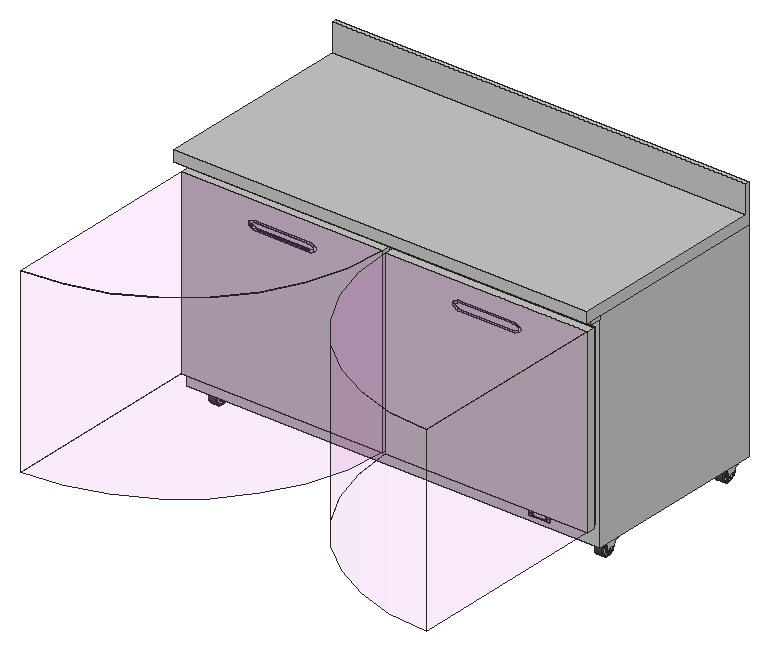
Revit family "QF_Kelvinator_738301_KCHUCWT60R", category Specialty Equipment, Revit 2021
Family settings
  Round Connector Dimension = Use Diameter
  Part Type = Normal
  Work Plane-Based = No
  Always vertical = Yes
  Cut with Voids When Loaded = No
  Shared = No
  Room Calculation Point = No
Parameters
  Weight in Pounds = 253.532
  Weight = 115.00 lbm
  Watts = 0 W
  Volts = 115 V
  URL Manufacturer = "KELVINATOR"
  URL Cutsheet = ""
  URL = "KELVINATOR"
  Specification by User = ""
  Specification by Manufacturer = ""
  Serial Number = ""
  Seismic Rating = ""
  SMACNA No = ""
  Revision Code = ""
  Refrigerant Type = "R600a"
  Phase = 1
  Number of Poles = 1
  NAFEM Spec ID Number = ""
  Model = "KCHUCWT60R"
  Min Ckt Ampacity = 0 A
  Max Overcurrent Protection = 0 A
  Masterspec = ""
  Manufacturer = "Kelvinator"
  Length Actual = 1555"
  Length = 61 1/4"
  Item Number = "738301"
  Installed By = ""
  Identify Quantity as Lot = yes
  Height Actual = 1007"
  Height = 39 5/8"
  HP = "0.4 HP"
  Gas KW = 0
  Furnished By = ""
  Foodservice Equipment Identifier = yes
  FL Amps = 3 A
  Electrical Remarks = ""
  Electric Connection Type = ""
  Elec Conn RI Height = 0"
  Elec Conn Connection Height = 0"
  Description = "2-DOOR REFRIGERATED WORK TOP 61\" LONG"
  Depth Actual = 760"
  Depth = 29 15/16"
  Default Elevation = 0"
  Cycle = 60 Hz
  Conn Plug = "5-15P"
  Conn Conduit = yes
  CSI MasterFormat = ""
  Apparent Power = 0 VA
  Accessory = no
Reference planes (in)
  plane 1 "BACK": y = 0
  plane 2: z = 0
  plane 3 "LEFT": x = 0
  plane 4 "RIGHT": x = 61.25
  plane 5 "FRONT": y = -29.9375
  plane 6 "TOP": z = 39.625
  plane 7 "Center Y": x = 30.625
  plane 8 "Center X": y = -14.96875
Dimensions and locks (in)
  equal spacing: plane 3 "LEFT", plane 7 "Center Y", plane 4 "RIGHT"
  "Length": plane 3 "LEFT" to plane 4 "RIGHT"
  equal spacing: plane 5 "FRONT", plane 8 "Center X", plane 1 "BACK"
  "Depth": plane 5 "FRONT" to plane 1 "BACK"
  "Height": plane 6 "TOP" to level
  aligned and locked: level to plane 2
Nested families (in)
  nested 1: "KCHST.0001" at (0, 0, 0), type "KCHST.0001"
    with Show Clearance yes
Connectors (in)
  electrical at (30.625, -0.87772, 2.31881), driven by "Volts", driven by "Watts"
    settings: on nested 1, index 1, voltage 115 V, apparent load 0 VA, apparent load phase1 0 VA, apparent load phase2 0 VA, apparent load phase3 0 VA, power factor 1, load classification "Other", number of poles 1, system type 30, power factor state 1, is connector primary yes, connector utility no, sub classification motor no, connector description ""
Definition of nested family "KCHST.0001"
  Parameters (values of type "KCHST.0001")
    Weight in Pounds = 0
    URL Cutsheet = ""
    Specification by User = ""
    Specification by Manufacturer = ""
    Show Clearance [instance] = yes
    Serial Number = ""
    Seismic Rating = ""
    SMACNA No = ""
    Revision Code = ""
    NAFEM Spec ID Number = ""
    Masterspec = ""
    Length = 61 1/4"
    Item Number = ""
    Installed By = ""
    Identify Quantity as Lot = yes
    Height = 39 5/8"
    Furnished By = ""
    Foodservice Equipment Identifier = yes
    Depth = 29 15/16"
    Default Elevation = 0"
    CSI MasterFormat = ""
  Reference planes (in)
    plane 1 "BACK": y = 0
    plane 2: z = 0
    plane 3 "LEFT": x = 0
    plane 4 "RIGHT": x = 61.25
    plane 5 "FRONT": y = -29.9375
    plane 6 "TOP": z = 39.625
    plane 7 "Center Y": x = 30.625
    plane 8 "Center X": y = -14.96875
    plane 9: z = 3.1
    plane 10: z = 33.9
    plane 11: y = -29.2
    plane 12: z = 32.4
    plane 13: z = 5.6
    plane 14: y = -27.5
    plane 15: x = 59.25
    plane 16: x = 2
    plane 17: x = 60.75
    plane 18: x = 0.5
    plane 19: z = 35.5
    plane 20: y = -27.2
    plane 21: x = 15.44777
    plane 22: x = 45.80223
  Forms (in)
    Extrusion 1, solid
      sketch origin (0, 0, 0) x (0, 1, 0) y (0, 0, 1)
        loop
          line (-27.5, 33.9) -> (-27.5, 3.1) -> (0, 3.1) -> (0, 33.9) -> (-27.5, 33.9)
      from 0 to 61.25
    Extrusion 2, solid
      sketch origin (0, 0, 0) x (0, 1, 0) y (0, 0, 1)
        loop
          line (-0.48673, 39.625) -> (-0.48673, 35.5) -> (-29.9375, 35.5) -> (-29.9375, 33.9) -> (0, 33.9) -> (0, 39.625) -> (-0.48673, 39.625)
      from 0 to 61.25
    Extrusion 3, solid
      sketch origin (0, 0, 0) x (0, 1, 0) y (0, 0, 1)
        loop
          line (-29.2, 33.9) -> (-29.2, 33.4) -> (-27.5, 33.4) -> (-27.5, 33.9) -> (-29.2, 33.9)
      from 0 to 61.25
    Extrusion 4, solid
      sketch origin (30.625, 6.90541, 48) x (0, 1, 0) y (0, 0, 1)
        loop
          line (-36.10541, -15.6) -> (-36.10541, -42.4) -> (-34.95211, -42.4) -> (-34.95211, -15.6) -> (-36.10541, -15.6)
      from -0.25 to -30.125
    Extrusion 5, solid
      sketch origin (0, 0, 0) x (0, 1, 0) y (0, 0, 1)
        loop
          line (-28.04671, 32.20449) -> (-28.04671, 5.81322) -> (-27.79671, 5.81322) -> (-27.79671, 32.20449) -> (-28.04671, 32.20449)
      from 0.74536 to 30.15018
    Extrusion 6, solid
      sketch origin (0, 0.25, 0) x (0, 1, 0) y (0, 0, 1)
        loop
          line (-28.04671, 32.20449) -> (-28.04671, 5.81322) -> (-27.864, 5.81322) -> (-27.864, 32.20449) -> (-28.04671, 32.20449)
      from 0.74536 to 30.15018
    Extrusion 7, solid
      sketch origin (0, 0.4327, 0) x (0, 1, 0) y (0, 0, 1)
        loop
          line (-28.04671, 32.20449) -> (-28.04671, 5.81322) -> (-27.9327, 5.81322) -> (-27.9327, 32.20449) -> (-28.04671, 32.20449)
      from 0.74536 to 30.15018
    Extrusion 8, solid
      sketch origin (-4.97957, -27.5, -4.77927) x (-1, 0, 0) y (0, 0, 1)
        loop
          line (-55.67533, 9.70772) -> (-58.82493, 9.70772) -> (-58.82493, 8.52662) -> (-55.67533, 8.52662) -> (-55.67533, 9.70772)
        loop
          line (-55.75407, 9.63107) -> (-56.14777, 9.63107) -> (-56.14777, 9.31193) -> (-55.75407, 9.31193) -> (-55.75407, 9.63107)
        loop
          line (-55.75407, 9.27674) -> (-56.14777, 9.27674) -> (-56.14777, 8.9576) -> (-55.75407, 8.9576) -> (-55.75407, 9.27674)
        loop
          line (-55.75407, 8.92241) -> (-56.14777, 8.92241) -> (-56.14777, 8.60327) -> (-55.75407, 8.60327) -> (-55.75407, 8.92241)
        loop
          line (-58.74619, 9.63107) -> (-58.74619, 9.31193) -> (-58.35249, 9.31193) -> (-58.35249, 9.63107) -> (-58.74619, 9.63107)
        loop
          line (-58.74619, 9.27674) -> (-58.74619, 8.9576) -> (-58.35249, 8.9576) -> (-58.35249, 9.27674) -> (-58.74619, 9.27674)
        loop
          line (-58.74619, 8.92241) -> (-58.74619, 8.60327) -> (-58.35249, 8.60327) -> (-58.35249, 8.92241) -> (-58.74619, 8.92241)
        loop
          line (-56.22525, 9.63107) -> (-58.27501, 9.63107) -> (-58.27501, 8.60716) -> (-56.22525, 8.60716) -> (-56.22525, 9.63107)
      from 0.07874 to -0.04602
    Extrusion 9, solid
      sketch origin (-4.97957, -27.54602, -4.77927) x (1, 0, 0) y (0, 0, 1)
        loop
          line (58.35249, 9.63107) -> (58.35249, 9.31193) -> (58.74619, 9.31193) -> (58.74619, 9.63107) -> (58.35249, 9.63107)
        loop
          line (58.35249, 9.27674) -> (58.35249, 8.9576) -> (58.74619, 8.9576) -> (58.74619, 9.27674) -> (58.35249, 9.27674)
        loop
          line (58.35249, 8.92241) -> (58.35249, 8.60327) -> (58.74619, 8.60327) -> (58.74619, 8.92241) -> (58.35249, 8.92241)
        loop
          line (56.14777, 9.63107) -> (55.75407, 9.63107) -> (55.75407, 9.31193) -> (56.14777, 9.31193) -> (56.14777, 9.63107)
        loop
          line (56.14777, 9.27674) -> (55.75407, 9.27674) -> (55.75407, 8.9576) -> (56.14777, 8.9576) -> (56.14777, 9.27674)
        loop
          line (56.14777, 8.92241) -> (55.75407, 8.92241) -> (55.75407, 8.60327) -> (56.14777, 8.60327) -> (56.14777, 8.92241)
      from 0 to -0.07874
    Extrusion 10, solid
      sketch origin (-4.97957, -27.54602, -4.77927) x (1, 0, 0) y (0, 0, 1)
        loop
          line (56.22525, 9.63107) -> (56.22525, 8.60716) -> (58.27501, 8.60716) -> (58.27501, 9.63107) -> (56.22525, 9.63107)
      from 0 to -0.07874
    Extrusion 11, void
      sketch origin (-4.97957, -27.5, -4.77927) x (-1, 0, 0) y (0, 0, 1)
        loop
          line (-55.67533, 9.70772) -> (-58.82493, 9.70772) -> (-58.82493, 8.52662) -> (-55.67533, 8.52662) -> (-55.67533, 9.70772)
      from 0 to 0.07874
    Extrusion 12, void
      sketch origin (-37.39706, -29.19996, 31.5181) x (0, 0, 1) y (1, 0, 0)
        loop
          line (-1.94791, 48.66983) -> (-1.94791, 57.01983) -> (-2.28604, 57.56083)
          arc (-2.28604, 57.56083) -> (-2.38541, 57.61591) -> (-2.48479, 57.56083) r 0.11719
          line (-2.48479, 57.56083) -> (-2.82291, 57.01983) -> (-2.82291, 48.66983) -> (-2.48621, 48.13111)
          arc (-2.48621, 48.13111) -> (-2.38541, 48.07524) -> (-2.28462, 48.13111) r 0.11887
          line (-2.28462, 48.13111) -> (-1.94791, 48.66983)
      from 0 to 0.31887
    Sweep 13, solid
      path origin (-34.14291, -26.39996, 31.5181) x (0, 0, -1) y (1, 0, 0)
        loop
          line (2.82291, 53.76568) -> (2.48479, 54.30668)
          arc (2.48479, 54.30668) -> (2.38541, 54.36176) -> (2.28604, 54.30668) r 0.11719
          line (2.28604, 54.30668) -> (1.94791, 53.76568) -> (1.94791, 45.41568) -> (2.28462, 44.87696)
          arc (2.28462, 44.87696) -> (2.38541, 44.82109) -> (2.48621, 44.87696) r 0.11887
          line (2.48621, 44.87696) -> (2.82291, 45.41568) -> (2.82291, 53.76568)
      profile origin (15.44777, -26.39996, 28.69519) x (0, 0, -1) y (0, -1, 0)
        loop
          line (0, 2.8) -> (0.25, 2.8)
          arc (0.25, 2.8) -> (0.125, 2.85269) -> (0, 2.8) r 0.17461
    Extrusion 14, solid
      sketch origin (-16.15625, -3.56521, 3.1) x (-1, 0, 0) y (0, 1, 0)
        loop
          circle (-46.78125, 2.68749) r 0.25
      from 0 to 0.78119
    Extrusion 15, solid
      sketch origin (30.625, 6.90541, 48) x (0, 1, 0) y (0, 0, -1)
        loop
          line (-36.10541, 15.6) -> (-34.95211, 15.6) -> (-34.95211, 42.4) -> (-36.10541, 42.4) -> (-36.10541, 15.6)
      from -0.25 to -30.125
    Extrusion 16, solid
      sketch origin (48.25, 0, 0) x (0, 1, 0) y (0, 0, -1)
        loop
          line (-28.04671, -32.20449) -> (-27.79671, -32.20449) -> (-27.79671, -5.81322) -> (-28.04671, -5.81322) -> (-28.04671, -32.20449)
      from -12.22145 to 17.125
    Extrusion 17, solid
      sketch origin (48.25, 0.25, 0) x (0, 1, 0) y (0, 0, -1)
        loop
          line (-28.04671, -32.20449) -> (-27.864, -32.20449) -> (-27.864, -5.81322) -> (-28.04671, -5.81322) -> (-28.04671, -32.20449)
      from -12.22145 to 17.125
    Extrusion 18, solid
      sketch origin (48.25, 0.4327, 0) x (0, 1, 0) y (0, 0, -1)
        loop
          line (-28.04671, -32.20449) -> (-27.9327, -32.20449) -> (-27.9327, -5.81322) -> (-28.04671, -5.81322) -> (-28.04671, -32.20449)
      from -12.22145 to 17.125
    Sweep 19, solid
      path origin (95.39291, -26.39996, 31.5181) x (0, 0, -1) y (1, 0, 0)
        loop
          line (2.82291, -53.76568) -> (2.82291, -45.41568) -> (2.48621, -44.87696)
          arc (2.48621, -44.87696) -> (2.38541, -44.82109) -> (2.28462, -44.87696) r 0.11887
          line (2.28462, -44.87696) -> (1.94791, -45.41568) -> (1.94791, -53.76568) -> (2.28604, -54.30668)
          arc (2.28604, -54.30668) -> (2.38541, -54.36176) -> (2.48479, -54.30668) r 0.11719
          line (2.48479, -54.30668) -> (2.82291, -53.76568)
      profile origin (45.80223, -26.39996, 28.69519) x (0, 0, 1) y (0, -1, 0)
        loop
          arc (0, 2.8) -> (-0.125, 2.85269) -> (-0.25, 2.8) r 0.17461
          line (-0.25, 2.8) -> (0, 2.8)
    Extrusion 20, solid, visible <- "Show Clearance"
      sketch origin (0, 9.61225, 5.6) x (1, 0, 0) y (0, -1, 0)
        loop
          arc (30.375, 38.81225) -> (21.62482, 59.93707) -> (0.5, 68.68725) r 29.875
          line (0.5, 68.68725) -> (0.5, 38.81225) -> (30.375, 38.81225)
        loop
          line (30.875, 38.81225) -> (60.75, 38.81225) -> (60.75, 68.68725)
          arc (60.75, 68.68725) -> (39.62518, 59.93707) -> (30.875, 38.81225) r 29.875
      from 0 to -26.8
  Cuts and joins
    Extrusion 11 cuts Extrusion 8
    Extrusion 12 cuts Extrusion 4
  Lines and regions (in)
    symbolic lines
      curve 1: line (61.25, -29.9375, 0) -> (61.25, 0, 0)
      curve 2: line (61.25, 0, 0) -> (0, 0, 0)
      curve 3: line (0, 0, 0) -> (0, -29.9375, 0)
      curve 4: line (0, -29.9375, 0) -> (61.25, -29.9375, 0)
      curve 5: line (0, -0.48673, 0) -> (61.25, -0.48673, 0)
    symbolic lines, visible <- "Show Clearance"
      curve 6: arc (30.3659, -29.9375, 0) -> (29.17129, -37.59482, 0) -> (26.04725, -44.68721, 0) r 29.875
      curve 7: arc (35.20275, -44.68721, 0) -> (32.07871, -37.59482, 0) -> (30.8841, -29.9375, 0) r 29.875
      curve 8: line (0.5, -29.9375, 0) -> (26.04725, -44.68721, 0)
      curve 9: line (60.75, -29.9375, 0) -> (35.20275, -44.68721, 0)
  Dimensions and locks (in)
    equal spacing: plane 3 "LEFT", plane 7 "Center Y", plane 4 "RIGHT"
    "Length": plane 3 "LEFT" to plane 4 "RIGHT"
    equal spacing: plane 5 "FRONT", plane 8 "Center X", plane 1 "BACK"
    "Depth": plane 5 "FRONT" to plane 1 "BACK"
    "Height": plane 6 "TOP" to level
    level to plane 9 = 3.1"
    plane 10 to plane 9 = 30.8"
    plane 13 to plane 12 = 26.8"
    locked: plane 4 "RIGHT" to plane 15 at 2
    locked: plane 3 "LEFT" to plane 16 at 2
    locked: plane 18 to plane 3 "LEFT" at 0.5
    locked: plane 17 to plane 4 "RIGHT" at 0.5
    plane 3 "LEFT" to plane 4 "RIGHT" = 61 1/4"
    plane 19 to level = 35 1/2"
    plane 6 "TOP" to plane 19 = 4 1/8"
    plane 5 "FRONT" to plane 1 "BACK" = 29 15/16"
    plane 20 to plane 1 "BACK" = 27.2"
    plane 9 to plane 19 = 32.4"
    aligned and locked: level to plane 2
    aligned and locked: plane 15 to nested 1
    aligned and locked: nested 2 to plane 16
    aligned and locked: Extrusion 1 to plane 4 "RIGHT"
    aligned and locked: plane 4 "RIGHT" to Extrusion 1
    aligned and locked: Extrusion 3 to plane 4 "RIGHT"
    aligned and locked: Extrusion 2 to plane 4 "RIGHT"
    aligned and locked: cut or joined group of Extrusion 4, Extrusion 12 to plane 18
    aligned and locked: plane 15 to nested 3
    aligned and locked: Extrusion 6 to Extrusion 5
    aligned and locked: Extrusion 7 to Extrusion 5
    aligned and locked: Extrusion 17 to Extrusion 16
    aligned and locked: Extrusion 18 to Extrusion 16
  Automatic sketch dimensions
    plane 9 to Extrusion 1 sketch curve = 0"
    Extrusion 1 sketch curve to plane 14 = 0"
    Extrusion 1 sketch curve to plane 1 "BACK" = 0"
    Extrusion 1 sketch curve to plane 10 = 0"
    Extrusion 2 sketch curve to plane 5 "FRONT" = 0"
    Extrusion 2 sketch curve to plane 19 = 0"
    Extrusion 2 sketch curve to plane 6 "TOP" = 0"
    Extrusion 2 sketch curve to plane 1 "BACK" = 0"
    Extrusion 2 sketch curve to plane 10 = 0"
    plane 1 "BACK" to Extrusion 2 sketch curve = 0.48673"
    Extrusion 3 sketch curve to plane 10 = 0"
    Extrusion 3 sketch curve to plane 11 = 0"
    Extrusion 3 sketch curve to plane 14 = 0"
    Extrusion 3 sketch curve to Extrusion 3 sketch curve = 1/2"
    Extrusion 4 sketch curve to plane 11 = 0"
    plane 13 to Extrusion 4 sketch curve = 0"
    plane 12 to Extrusion 4 sketch curve = 0"
    Extrusion 4 sketch curve to plane 14 = 0.54671"
    Extrusion 5 sketch curve to plane 13 = 0.21322"
    Extrusion 5 sketch curve to plane 14 = 0.54671"
    Extrusion 5 sketch curve to Extrusion 5 sketch curve = 1/4"
    plane 12 to Extrusion 5 sketch curve = 0.19551"
    Extrusion 6 sketch curve to plane 14 = 0.29671"
    Extrusion 6 sketch curve to plane 14 = 0.114"
    Extrusion 6 sketch curve to plane 13 = 0.21322"
    plane 12 to Extrusion 6 sketch curve = 0.19551"
    Extrusion 7 sketch curve to plane 14 = 0"
    Extrusion 7 sketch curve to Extrusion 7 sketch curve = 0.114"
    Extrusion 7 sketch curve to plane 13 = 0.21322"
    plane 12 to Extrusion 7 sketch curve = 0.19551"
    plane 13 to Extrusion 8 sketch curve = 0.67154"
    Extrusion 8 sketch curve to plane 15 = 5.40464"
    Extrusion 8 sketch curve to Extrusion 8 sketch curve = 0.07874"  (x3)
    Extrusion 8 sketch curve to Extrusion 8 sketch curve = 0"  (x7)
    Extrusion 8 sketch curve to Extrusion 8 sketch curve = 0.3937"  (x2)
    Extrusion 8 sketch curve to Extrusion 8 sketch curve = 0.07748"  (x3)
    Extrusion 8 sketch curve to plane 9 = 0.72789"
    Extrusion 8 sketch curve to Extrusion 8 sketch curve = 2.04976"
    Extrusion 8 sketch curve to Extrusion 8 sketch curve = 1/256"  (x2)
    Extrusion 8 sketch curve to Extrusion 8 sketch curve = 0.07665"  (x3)
    Extrusion 8 sketch curve to Extrusion 8 sketch curve = 0.31914"  (x4)
    Extrusion 8 sketch curve to Extrusion 8 sketch curve = 0.03519"  (x4)
    Extrusion 8 to Extrusion 9 sketch curve = 0"  (x10)
    Extrusion 9 sketch curve to Extrusion 8 = 0"  (x14)
    Extrusion 10 sketch curve to Extrusion 8 = 0"  (x3)
    Extrusion 8 to Extrusion 10 sketch curve = 0"
    plane 13 to Extrusion 11 sketch curve = 0.67154"
    Extrusion 11 sketch curve to plane 15 = 5.40464"
    Extrusion 11 sketch curve to plane 9 = 0.64735"
    Extrusion 11 sketch curve to Extrusion 11 sketch curve = 3.14961"
    plane 12 to Extrusion 12 sketch curve = 3.70481"
    Extrusion 12 sketch curve to Extrusion 12 sketch curve = 0.3367"
    Extrusion 12 sketch curve to Extrusion 12 sketch curve = 0.33813"  (x2)
    Extrusion 12 sketch curve to Extrusion 12 sketch curve = 0.09937"  (x2)
    Extrusion 12 sketch curve to Extrusion 12 sketch curve = 0.1008"  (x2)
    Extrusion 12 sketch curve to plane 21 = 4.71372"
    Extrusion 12 sketch curve to Extrusion 12 sketch curve = 0.063"
    Extrusion 12 sketch curve to Extrusion 12 sketch curve = 0.53872"  (x2)
    plane 21 to Extrusion 12 sketch curve = 4.175"
    Extrusion 12 sketch curve to Extrusion 12 sketch curve = 0"
    Extrusion 12 sketch curve to Extrusion 12 sketch curve = 0.47889"
    Extrusion 12 sketch curve to Extrusion 12 sketch curve = 0.06211"
    plane 12 to Sweep 13 sketch curve = 2.82981"
    Sweep 13 sketch curve to Sweep 13 sketch curve = 0.3367"
    Sweep 13 sketch curve to Sweep 13 sketch curve = 0.33813"  (x2)
    Sweep 13 sketch curve to Sweep 13 sketch curve = 0.09937"  (x2)
    Sweep 13 sketch curve to Sweep 13 sketch curve = 0.1008"  (x2)
    Sweep 13 sketch curve to plane 21 = 4.71372"
    Sweep 13 sketch curve to Sweep 13 sketch curve = 0.063"
    Sweep 13 sketch curve to Sweep 13 sketch curve = 0.53872"  (x2)
    plane 21 to Sweep 13 sketch curve = 4.175"
    Sweep 13 sketch curve to Sweep 13 sketch curve = 0"
    Sweep 13 sketch curve to Sweep 13 sketch curve = 0.47889"
    Sweep 13 sketch curve to Sweep 13 sketch curve = 0.06211"
    Sweep 13 sketch curve to profile plane = 0"
    Sweep 13 sketch curve to profile plane = 1/8"
    profile plane to Sweep 13 sketch curve = 2.67809"
    Sweep 13 sketch curve to Sweep 13 sketch curve = 0.12191"
    Extrusion 15 sketch curve to plane 11 = 0"
    plane 13 to Extrusion 15 sketch curve = 0"
    plane 12 to Extrusion 15 sketch curve = 0"
    Extrusion 15 sketch curve to plane 14 = 0.54671"
    Extrusion 16 sketch curve to plane 13 = 0.21322"
    Extrusion 16 sketch curve to plane 14 = 0.54671"
    Extrusion 16 sketch curve to Extrusion 16 sketch curve = 1/4"
    plane 12 to Extrusion 16 sketch curve = 0.19551"
    Extrusion 17 sketch curve to plane 14 = 0.29671"
    Extrusion 17 sketch curve to plane 14 = 0.114"
    plane 12 to Extrusion 17 sketch curve = 0.19551"
    Extrusion 17 sketch curve to plane 13 = 0.21322"
    Extrusion 18 sketch curve to plane 14 = 0"
    Extrusion 18 sketch curve to Extrusion 18 sketch curve = 0.114"
    plane 12 to Extrusion 18 sketch curve = 0.19551"
    Extrusion 18 sketch curve to plane 13 = 0.21322"
    plane 12 to Sweep 19 sketch curve = 2.82981"
    Sweep 19 sketch curve to Sweep 19 sketch curve = 0.3367"
    Sweep 19 sketch curve to Sweep 19 sketch curve = 0.33813"  (x2)
    Sweep 19 sketch curve to Sweep 19 sketch curve = 0.09937"  (x2)
    Sweep 19 sketch curve to Sweep 19 sketch curve = 0.1008"  (x2)
    plane 22 to Sweep 19 sketch curve = 4.716"
    Sweep 19 sketch curve to Sweep 19 sketch curve = 0.06211"
    Sweep 19 sketch curve to Sweep 19 sketch curve = 0.541"  (x2)
    Sweep 19 sketch curve to plane 22 = 4.175"
    Sweep 19 sketch curve to Sweep 19 sketch curve = 0"
    Sweep 19 sketch curve to Sweep 19 sketch curve = 0.47572"
    Sweep 19 sketch curve to Sweep 19 sketch curve = 0.063"
    profile plane to Sweep 19 sketch curve = 0"
    profile plane to Sweep 19 sketch curve = 1/8"
    profile plane to Sweep 19 sketch curve = 2.67809"
    Sweep 19 sketch curve to Sweep 19 sketch curve = 0.12191"
    Extrusion 1 to Extrusion 14 sketch curve = 0.87772"
    Extrusion 14 sketch curve to Extrusion 1 = 30 5/8"
    Extrusion 20 sketch curve to plane 11 = 0"  (x2)
    Extrusion 20 sketch curve to plane 18 = 0"
    Extrusion 20 sketch curve to plane 17 = 0"
    Extrusion 20 sketch curve to plane 7 "Center Y" = 1/4"
    plane 7 "Center Y" to Extrusion 20 sketch curve = 1/4"
    curve 5 to plane 3 "LEFT" = 0"
    plane 5 "FRONT" to curve 8 = 0"
    curve 8 to plane 18 = 0"
    curve 6 to plane 11 = 0"
    curve 6 to plane 18 = 0"
    curve 9 to plane 17 = 0"
    curve 7 to plane 11 = 0"
    curve 7 to plane 17 = 0"
    plane 1 "BACK" to curve 2 = 0"
    curve 2 to plane 4 "RIGHT" = 0"
    curve 8 to plane 7 "Center Y" = 4.57775"
    plane 7 "Center Y" to curve 9 = 4.57775"
    plane 5 "FRONT" to curve 8 = 14.74971"
    curve 6 to curve 9 = 0"
    plane 1 "BACK" to curve 5 = 0.48673"
    radius of Extrusion 14 sketch curve = 1/4"
  Nested families (in)
    nested 1: "3 INCHES 01_CASTER" at (59.25, -24.75, 0), type "3 INCHES 01_CASTER"
      with Type Mark "", Specification by User "", Revision Code "", Item Number "", Installed By "", Identify Quantity as Lot yes, Furnished By "", Foodservice Equipment Identifier yes, 3 Inches Caster yes
    nested 2: "3 INCHES 01_CASTER" at (2, -24.75, 0), type "3 INCHES 01_CASTER"
      with Type Mark "", Specification by User "", Revision Code "", Item Number "", Installed By "", Identify Quantity as Lot yes, Furnished By "", Foodservice Equipment Identifier yes, 3 Inches Caster yes
    nested 3: "3 INCHES 01_CASTER" at (59.25, -2.375, 0), type "3 INCHES 01_CASTER"
      with Type Mark "", Specification by User "", Revision Code "", Item Number "", Installed By "", Identify Quantity as Lot yes, Furnished By "", Foodservice Equipment Identifier yes, 3 Inches Caster yes
    nested 4: "3 INCHES 01_CASTER" at (2, -2.375, 0), type "3 INCHES 01_CASTER"
      with Type Mark "", Specification by User "", Revision Code "", Item Number "", Installed By "", Identify Quantity as Lot yes, Furnished By "", Foodservice Equipment Identifier yes, 3 Inches Caster yes
  Definition of nested family "3 INCHES 01_CASTER"
    Parameters (values of type "3 INCHES 01_CASTER")
      Weight = ""
      URL Manufacturer = ""
      URL Cutsheet = ""
      URL = ""
      Type Mark [instance] = ""
      Specification by User [instance] = ""
      Specification by Manufacturer = ""
      Serial Number = ""
      Seismic Rating = ""
      SMACNA No = ""
      Revision Code [instance] = ""
      Omniclass Number and Title = ""
      NAFEM Spec ID Number = ""
      Model = ""
      MasterSpec. = ""
      Manufacturer = ""
      Item Number [instance] = ""
      Installed By [instance] = ""
      Identify Quantity as Lot [instance] = yes
      Furnished By [instance] = ""
      Foodservice Equipment Identifier [instance] = yes
      Description = ""
      Default Elevation = 0"
      CSI MasterFormat = ""
      CSI Master Format = ""
      Assembly Code = ""
      3 Inches Caster [instance] = yes
    Reference planes (in)
      plane 1: z = 0
      plane 2 "RIGHT": x = 0
      plane 3 "FRONT": y = 0
      plane 4 "TOP": z = 3.1
    Forms (in)
      Revolve 1, solid, visible <- "3 Inches Caster"
        sketch origin (-1.93794, 0.56004, -1.0041) x (1, 0, 0) y (0, 0, 1)
          loop
            line (0.74055, 2.11347) -> (0.74055, 2.03797) -> (0.79055, 1.98797) -> (0.85055, 1.98797) -> (0.85055, 1.8679) -> (1.235, 1.8679) -> (1.235, 1.7068) -> (1.36441, 1.63209) -> (1.4003, 1.41035) -> (1.34375, 1.41035) -> (1.34375, 1.28535) -> (1.375, 1.28535) -> (1.375, 1.0041) -> (2.48438, 1.0041) -> (2.48438, 1.28535) -> (2.51563, 1.28535) -> (2.51563, 1.41035) -> (2.45908, 1.41035) -> (2.49553, 1.6356) -> (2.62438, 1.70999) -> (2.62438, 1.8679) -> (3.04007, 1.8679) -> (3.04007, 1.98797) -> (3.10007, 1.98797) -> (3.15007, 2.03797) -> (3.15007, 2.11347) -> (0.74055, 2.11347)
          axis (0.74055, 2.11347) -> (3.15007, 2.11347)
        angle from 0 to 360
      Extrusion 2, solid, visible <- "3 Inches Caster"
        sketch origin (-1.93794, 1.35294, -3.2541) x (0, 1, 0) y (0, 0, 1)
          loop
            line (-0.41094, 5.86793) -> (-0.41094, 6.01276) -> (-2.29494, 6.01276) -> (-2.29494, 5.71244) -> (-1.82301, 5.71244)
            arc (-1.82301, 5.71244) -> (-1.00307, 5.59865) -> (-0.19592, 5.41488) r 9.6332
            arc (-0.19592, 5.41488) -> (0.12646, 5.29481) -> (0.42224, 5.11916) r 1.92059
            line (0.42224, 5.11916) -> (0.51314, 5.245)
            arc (0.51314, 5.245) -> (0.27353, 5.42569) -> (0.01201, 5.5729) r 2.25036
            line (0.01201, 5.5729) -> (0.09371, 5.71426)
            arc (0.09371, 5.71426) -> (-0.15272, 5.81043) -> (-0.41094, 5.86793) r 1.73151
        from 1.17357 to 2.70231
      Revolve 3, solid, visible <- "3 Inches Caster"
        sketch origin (0, 1.73858, -3.25) x (0, 1, 0) y (0, 0, 1)
          loop
            line (-1.73858, 6.35) -> (-1.73858, 6.00866) -> (-0.93293, 6.00866) -> (-0.93293, 6.35) -> (-1.73858, 6.35)
          axis (-1.73858, 6.00866) -> (-1.73858, 6.35)
        angle from 0 to 360
      Extrusion 4, solid, visible <- "3 Inches Caster"
        sketch origin (-1.98481, 1.35294, -1.7541) x (0, 1, 0) y (0, 0, 1)
          loop
            line (-2.29494, 4.51276) -> (-2.29494, 4.21244) -> (-2.2074, 4.21244)
            arc (-2.2074, 4.21244) -> (-1.58796, 3.87196) -> (-1.3103, 3.22193) r 1.0835
            arc (-1.3103, 3.22193) -> (-1.27304, 2.98711) -> (-1.19616, 2.76214) r 1.38462
            arc (-1.19616, 2.76214) -> (-0.77704, 2.49744) -> (-0.37393, 2.78593) r 0.44401
            arc (-0.37393, 2.78593) -> (-0.35491, 2.84407) -> (-0.34077, 2.90358) r 0.74034
            arc (-0.34077, 2.90358) -> (-0.07302, 3.38916) -> (0.4279, 3.62699) r 0.90376
            line (0.4279, 3.62699) -> (0.51314, 3.745)
            arc (0.51314, 3.745) -> (0.27353, 3.92569) -> (0.01201, 4.0729) r 2.25036
            line (0.01201, 4.0729) -> (0.09371, 4.21426)
            arc (0.09371, 4.21426) -> (-0.15272, 4.31043) -> (-0.41094, 4.36793) r 1.73151
            line (-0.41094, 4.36793) -> (-0.41094, 4.51276) -> (-2.29494, 4.51276)
        from 2.74918 to 2.90825
      Extrusion 5, solid, visible <- "3 Inches Caster"
        sketch origin (1.98481, 1.35294, -1.7541) x (0, 1, 0) y (0, 0, -1)
          loop
            line (-2.29494, -4.51276) -> (-0.41094, -4.51276) -> (-0.41094, -4.36793)
            arc (-0.41094, -4.36793) -> (-0.15272, -4.31043) -> (0.09371, -4.21426) r 1.73151
            line (0.09371, -4.21426) -> (0.01201, -4.0729)
            arc (0.01201, -4.0729) -> (0.27353, -3.92569) -> (0.51314, -3.745) r 2.25036
            line (0.51314, -3.745) -> (0.4279, -3.62699)
            arc (0.4279, -3.62699) -> (-0.07302, -3.38916) -> (-0.34077, -2.90358) r 0.90376
            arc (-0.34077, -2.90358) -> (-0.35491, -2.84407) -> (-0.37393, -2.78593) r 0.74034
            arc (-0.37393, -2.78593) -> (-0.77704, -2.49744) -> (-1.19616, -2.76214) r 0.44401
            arc (-1.19616, -2.76214) -> (-1.27304, -2.98711) -> (-1.3103, -3.22193) r 1.38462
            arc (-1.3103, -3.22193) -> (-1.58796, -3.87196) -> (-2.2074, -4.21244) r 1.0835
            line (-2.2074, -4.21244) -> (-2.29494, -4.21244) -> (-2.29494, -4.51276)
        from 2.74918 to 2.90825
    Cuts and joins
      joined: Extrusion 2, Extrusion 4, Extrusion 5
    Lines and regions (in)
      symbolic lines, visible <- "3 Inches Caster"
        curve 1: line (0.1877, 1.65194, 0) -> (0.89063, 1.2461, 0)
        curve 2: line (-1.00175, -0.40823, 0) -> (0.1877, 1.65194, 0)
        curve 3: line (-0.29881, -0.81407, 0) -> (-1.00175, -0.40823, 0)
        curve 4: line (0.89063, 1.2461, 0) -> (-0.29881, -0.81407, 0)
    Dimensions and locks (in)
      plane 4 "TOP" to level = 3.1"  (x2)
      aligned and locked: level to plane 1
